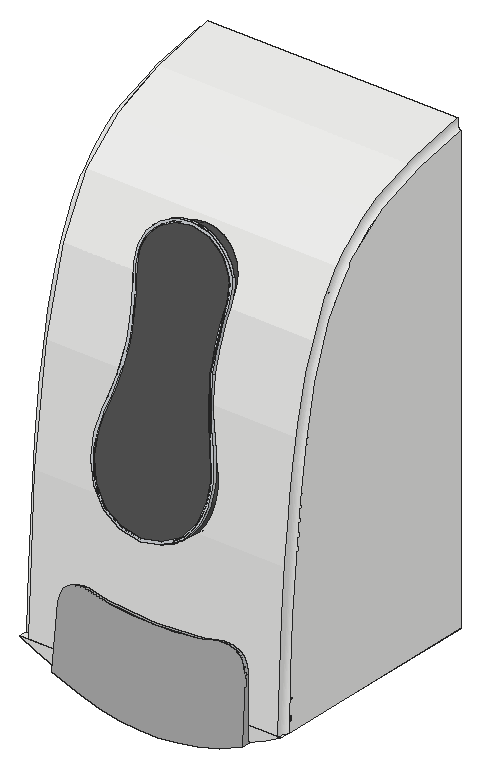
Revit family "DSDR0049", category Generic Models, Revit 2017
Family settings
  Can host rebar = No
  Round Connector Dimension = Use Diameter
  Part Type = Normal
  Work Plane-Based = Yes
  Always vertical = Yes
  Cut with Voids When Loaded = No
  Shared = No
  Room Calculation Point = No
Parameters
  Website = "https://dolphy.in/"  # constant formula
  Model = "DSDR0049"  # constant formula
  Default Elevation = 1219.2 mm
  Contact number = "+91 9520202035"  # constant formula
  Contact email = "sales@dolphy.com.au"  # constant formula
  Company name = "Dolphy India"  # constant formula
Reference planes
  plane 1 "Center (Front/Back)": y = 0
  plane 2: z = 0
  plane 3 "Center (Left/Right)": x = 0
  plane 4 "rr": through (0, -97.838, 237.03) normal (0, -0.9703, 0.2419)
Forms (mm)
  Extrusion 1, solid, material "Dolphy_WHITE"
    sketch origin (90, 0, 0) x (0, -1, 0) y (0, 0, 1)
      loop
        spline (128.842, 20) -> (126.398, 72.416) -> (122.925, 116.907) -> (118.278, 154.181) -> (112.315, 184.948) -> (104.892, 209.916) -> (95.865, 229.795) -> (85.092, 245.292) -> (72.428, 257.117) -> (57.731, 265.98) -> (40.856, 272.588) -> (21.66, 277.651) -> (0, 281.878)
        line (0, 281.878) -> (0, 20) -> (128.842, 20)
    from 15 to 165
  Sweep 2, void
    path in 3D
      loop
        spline (75, -128.842, 20) -> (75, -126.398, 72.416) -> (75, -122.925, 116.907) -> (75, -118.278, 154.181) -> (75, -112.315, 184.948) -> (75, -104.892, 209.916) -> (75, -95.865, 229.795) -> (75, -85.092, 245.292) -> (75, -72.428, 257.117) -> (75, -57.731, 265.98) -> (75, -40.856, 272.588) -> (75, -21.66, 277.651) -> (75, 0, 281.878)
    profile origin (75, -95.865, 229.795) x (0, -0.871722, 0.490001) y (1, 0, 0)
      loop
        line (0, -1.678) -> (0, 0) -> (-5.921, 0)
        spline (-5.921, 0) -> (-5.562, -0.362) -> (-5.179, -0.684) -> (-4.771, -0.966) -> (-4.339, -1.206) -> (-3.882, -1.407) -> (-3.401, -1.567) -> (-2.895, -1.687) -> (-2.365, -1.766) -> (-1.811, -1.805) -> (-1.232, -1.803) -> (-0.628, -1.761) -> (0, -1.678)
  Sweep 3, void
    path in 3D
      loop
        spline (-70.67, -138.682, 0) -> (-70.67, -136.052, 56.419) -> (-70.67, -132.313, 104.308) -> (-70.67, -127.311, 144.429) -> (-70.67, -120.893, 177.546) -> (-70.67, -112.903, 204.42) -> (-70.67, -103.187, 225.817) -> (-70.67, -91.591, 242.498) -> (-70.67, -77.96, 255.226) -> (-70.67, -62.14, 264.766) -> (-70.67, -43.976, 271.879) -> (-70.67, -23.314, 277.329) -> (-70.67, 0, 281.878)
    profile origin (-70.67, -103.187, 225.817) x (0, -0.871722, 0.490001) y (1, 0, 0)
      loop
        line (0, -4.886) -> (0, 0) -> (-5.921, 0)
        spline (-5.921, 0) -> (-5.657, -0.866) -> (-5.351, -1.649) -> (-5.004, -2.348) -> (-4.614, -2.964) -> (-4.184, -3.496) -> (-3.711, -3.945) -> (-3.197, -4.311) -> (-2.641, -4.593) -> (-2.043, -4.791) -> (-1.404, -4.906) -> (-0.723, -4.938) -> (0, -4.886)
  Sweep 4, void
    path in 3D
      loop
        spline (-75, 0, 281.878) -> (-75, -21.66, 277.651) -> (-75, -40.856, 272.588) -> (-75, -57.731, 265.98) -> (-75, -72.428, 257.117) -> (-75, -85.092, 245.292) -> (-75, -95.865, 229.795) -> (-75, -104.892, 209.916) -> (-75, -112.315, 184.948) -> (-75, -118.278, 154.181) -> (-75, -122.925, 116.907) -> (-75, -126.398, 72.416) -> (-75, -128.842, 20)
    profile origin (-75, -95.865, 229.795) x (0, -0.871722, 0.490001) y (-1, 0, 0)
      loop
        line (0, 0) -> (-5, 0)
        spline (-5, 0) -> (-4.87, -0.799) -> (-4.688, -1.528) -> (-4.453, -2.187) -> (-4.167, -2.778) -> (-3.828, -3.299) -> (-3.438, -3.75) -> (-2.995, -4.132) -> (-2.5, -4.444) -> (-1.953, -4.687) -> (-1.354, -4.861) -> (-0.703, -4.965) -> (0, -5)
        line (0, -5) -> (0, 0)
  Extrusion 5, solid, material "Poche"
    sketch origin (1.25, -139.299, 23.48) x (0, -0.087156, -0.996195) y (1, 0, 0)
      loop
        spline (12.087, -55) -> (16.203, -43.541) -> (19.32, -33.238) -> (21.55, -23.845) -> (23.005, -15.113) -> (23.796, -6.795) -> (24.034, 1.357) -> (23.807, 9.573) -> (23.047, 17.974) -> (21.625, 26.64) -> (19.411, 35.647) -> (16.275, 45.075) -> (12.087, 55)
        line (12.087, 55) -> (-22.892, 53.779)
        spline (-22.892, 53.779) -> (-28.844, 52.086) -> (-31.91, 49.891) -> (-33.369, 47.378) -> (-34.26, 44.706) -> (-34.739, 41.936) -> (-34.756, 39.106) -> (-34.282, 36.201) -> (-33.441, 32.76) -> (-32.436, 28.101) -> (-31.467, 21.544) -> (-30.738, 12.404) -> (-30.45, 0)
        spline (-30.45, 0) -> (-30.738, -12.404) -> (-31.467, -21.544) -> (-32.436, -28.101) -> (-33.441, -32.76) -> (-34.282, -36.201) -> (-34.756, -39.106) -> (-34.739, -41.936) -> (-34.26, -44.706) -> (-33.369, -47.378) -> (-31.91, -49.891) -> (-28.844, -52.086) -> (-22.892, -53.779)
        line (-22.892, -53.779) -> (12.087, -55)
    from -12.564 to -7.838
  Extrusion 6, solid, material "Dolphy_WHITE"
    sketch origin (0, 0, 20) x (1, 0, 0) y (0, 0, 1)
      loop
        spline (-75, 0) -> (-73.704, -0.777) -> (-72.325, -1.557) -> (-70.862, -2.342) -> (-69.315, -3.131) -> (-67.685, -3.923) -> (-65.971, -4.719) -> (-64.173, -5.52) -> (-62.292, -6.324) -> (-60.326, -7.132) -> (-58.278, -7.944) -> (-56.145, -8.76) -> (-53.929, -9.58)
        spline (-53.929, -9.58) -> (-42.681, -13.605) -> (-32.569, -16.653) -> (-23.348, -18.834) -> (-14.777, -20.256) -> (-6.613, -21.029) -> (1.389, -21.262) -> (9.453, -21.04) -> (17.7, -20.297) -> (26.206, -18.907) -> (35.047, -16.741) -> (44.301, -13.675) -> (54.043, -9.58)
        spline (54.043, -9.58) -> (56.259, -8.76) -> (58.392, -7.944) -> (60.441, -7.132) -> (62.406, -6.324) -> (64.287, -5.52) -> (66.085, -4.719) -> (67.799, -3.923) -> (69.429, -3.131) -> (70.976, -2.342) -> (72.439, -1.557) -> (73.818, -0.777) -> (75.114, 0)
        line (75.114, 0) -> (-75, 0)
    from 0 to 128.842
  Extrusion 7, solid, material "Dolphy_BLACK"
    sketch origin (-1.091, -148.932, 32.104) x (0, 0.241922, 0.970296) y (-1, 0, 0)
      loop
        spline (153.889, 23.195) -> (141.766, 24.684) -> (132.414, 26.571) -> (124.996, 28.598) -> (118.673, 30.511) -> (112.608, 32.054) -> (105.961, 32.973) -> (98.246, 32.948) -> (90.029, 31.466) -> (82.076, 27.979) -> (75.151, 21.938) -> (70.022, 12.794) -> (67.452, 0)
        spline (67.452, 0) -> (70.022, -12.794) -> (75.151, -21.938) -> (82.076, -27.979) -> (90.029, -31.466) -> (98.246, -32.948) -> (105.961, -32.973) -> (112.608, -32.054) -> (118.673, -30.511) -> (124.996, -28.598) -> (132.414, -26.571) -> (141.766, -24.684) -> (153.889, -23.195)
        spline (153.889, -23.195) -> (165.637, -23.482) -> (174.502, -24.183) -> (181.28, -25.056) -> (186.768, -25.861) -> (191.669, -26.35) -> (196.25, -26.246) -> (200.656, -25.266) -> (205.031, -23.123) -> (209.461, -19.555) -> (213.512, -14.49) -> (216.468, -7.961) -> (217.613, 0)
        spline (217.613, 0) -> (216.468, 7.961) -> (213.512, 14.49) -> (209.461, 19.555) -> (205.031, 23.123) -> (200.656, 25.266) -> (196.25, 26.246) -> (191.669, 26.35) -> (186.768, 25.861) -> (181.28, 25.056) -> (174.502, 24.183) -> (165.637, 23.482) -> (153.889, 23.195)
    from -11.635 to 1.961
  Sweep 8, solid
    path origin (0.314, -147.532, 37.72) x (0, 0.241922, 0.970296) y (-1, 0, 0)
      loop
        spline (148.633, -21.97) -> (160.381, -22.258) -> (169.246, -22.958) -> (176.024, -23.832) -> (181.512, -24.636) -> (186.413, -25.125) -> (190.994, -25.022) -> (195.4, -24.041) -> (199.775, -21.899) -> (204.205, -18.331) -> (208.256, -13.266) -> (211.212, -6.736) -> (212.357, 1.224)
        spline (212.357, 1.224) -> (211.212, 9.185) -> (208.256, 15.714) -> (204.205, 20.779) -> (199.775, 24.348) -> (195.4, 26.49) -> (190.994, 27.471) -> (186.413, 27.574) -> (181.512, 27.085) -> (176.024, 26.28) -> (169.246, 25.407) -> (160.381, 24.706) -> (148.633, 24.419)
        spline (148.633, 24.419) -> (136.51, 25.909) -> (127.158, 27.795) -> (119.74, 29.822) -> (113.417, 31.735) -> (107.351, 33.279) -> (100.705, 34.198) -> (92.99, 34.172) -> (84.773, 32.69) -> (76.819, 29.203) -> (69.895, 23.162) -> (64.765, 14.019) -> (62.195, 1.224)
        spline (62.195, 1.224) -> (64.765, -11.57) -> (69.895, -20.713) -> (76.819, -26.754) -> (84.773, -30.241) -> (92.99, -31.723) -> (100.705, -31.749) -> (107.351, -30.83) -> (113.417, -29.286) -> (119.74, -27.373) -> (127.158, -25.346) -> (136.51, -23.46) -> (148.633, -21.97)
    profile origin (25.336, -101.326, 223.041) x (-0.993936, -0.026601, -0.106692) y (0, -0.970296, 0.241922)
      loop
        line (-1.46, 2.228) -> (-1.46, 0.823) -> (0, 0.823) -> (0, 2.228) -> (-1.46, 2.228)
Cuts and joins
  Sweep 2, Sweep 3, Sweep 4 cuts Extrusion 1
Lines and regions (mm)
  sketch lines
    curve 1: spline (75, -128.842, 20) -> (75, -126.398, 72.416) -> (75, -122.925, 116.907) -> (75, -118.278, 154.181) -> (75, -112.315, 184.948) -> (75, -104.892, 209.916) -> (75, -95.865, 229.795) -> (75, -85.092, 245.292) -> (75, -72.428, 257.117) -> (75, -57.731, 265.98) -> (75, -40.856, 272.588) -> (75, -21.66, 277.651) -> (75, 0, 281.878)
    curve 2: spline (-70.67, -138.682, 0) -> (-70.67, -136.052, 56.419) -> (-70.67, -132.313, 104.308) -> (-70.67, -127.311, 144.429) -> (-70.67, -120.893, 177.546) -> (-70.67, -112.903, 204.42) -> (-70.67, -103.187, 225.817) -> (-70.67, -91.591, 242.498) -> (-70.67, -77.96, 255.226) -> (-70.67, -62.14, 264.766) -> (-70.67, -43.976, 271.879) -> (-70.67, -23.314, 277.329) -> (-70.67, 0, 281.878)
    curve 3: spline (-75, 0, 281.878) -> (-75, -21.66, 277.651) -> (-75, -40.856, 272.588) -> (-75, -57.731, 265.98) -> (-75, -72.428, 257.117) -> (-75, -85.092, 245.292) -> (-75, -95.865, 229.795) -> (-75, -104.892, 209.916) -> (-75, -112.315, 184.948) -> (-75, -118.278, 154.181) -> (-75, -122.925, 116.907) -> (-75, -126.398, 72.416) -> (-75, -128.842, 20)
Dimensions and locks
  aligned and locked: level to plane 2
